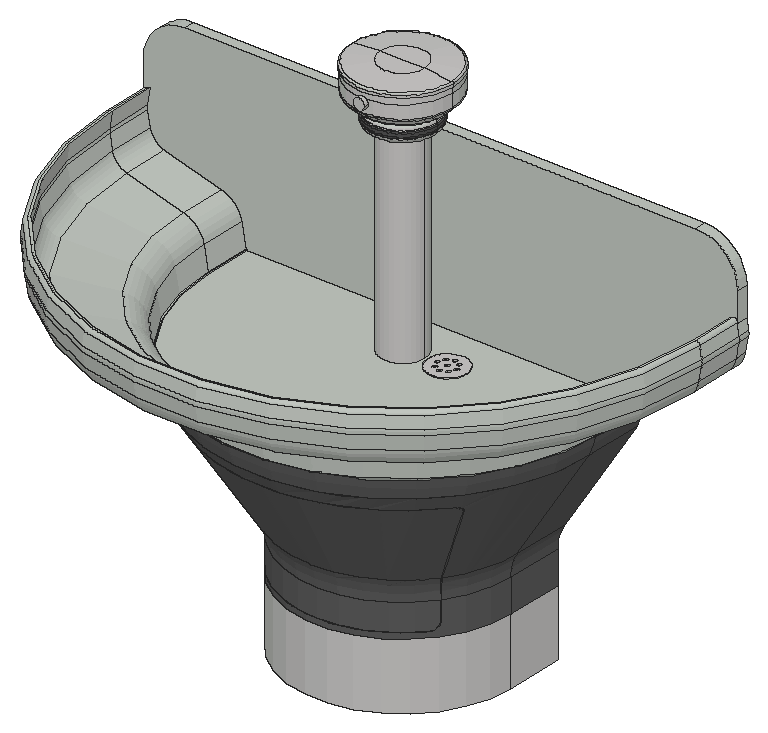
Revit family "Washfountain_Lavatory-Bradley_Corp-TDB3104-Type_A_Drain", category Plumbing Fixtures, Revit 2012
Parameters (values of type "Standard")
  Width = 54.000"
  Warranty Information = "Terreon® material warranted for ten years. All other components warranted for one year. This warranty does not cover installation or any other labor charges and does not apply to any units, which have been damaged by accident, abuse, improper installation, improper maintenance, or altered in any way."
  WFU = 0
  Voltage = 110 V
  Version = "2.0"
  URL = "http://www.bradleycorp.com/"
  Towel Dispenser Holder [instance] = if(and(Soap Dispenser, Model ID = 2), 4.560", if(and(Soap Dispenser, Model ID = 1), 5.060", 4.396"))  # 4.396"
  Towel Dispenser Height [instance] = if(and(Soap Dispenser, Model ID = 2), 60.310", if(and(Soap Dispenser, Model ID = 1), 56.310", if(and(No Soap Dispenser, Model ID = 2), 51.810", 47.810")))  # 51.810"
  TouchTime® Control [instance] = yes
  Technical Data = "n/a"
  Standard Height = Model ID = 2  # yes
  Spray Head Height = 43.719"
  Specifications URL = "http://www.bradleycorp.com/3partspec"
  Soap Dispenser Height = 55.750"
  Sensor Module Height = 47.414"
  Rim Height = 34.000"
  Product Tech Data URL - Spanish = ""
  Product Tech Data URL - French = ""
  Product Tech Data URL - English = "http://bradleycorp.com/download/1293/2055.pdf"
  Pedestal Material = Fibreglass - Bradley Corp - Black
  Pedestal Height = 23.500"
  Operating Water Pressure Range = "20 - 80 PSI"
  OmniClass Table 23 Title = "Sinks/Lavatories"
  OmniClass Table 23 Number = "23-31 13 00"
  OmniClass Table 21 Title = "Plumbing Fixtures"
  OmniClass Table 21 Number = "21-04 20 10 60"
  No Towel Dispenser [instance] = not(Towel Dispenser)  # yes
  No Soap Dispenser [instance] = not(Soap Dispenser)  # yes
  Modeling Code = ""
  Model ID = 2
  Model = "TDB3104"
  Material Note = "Other Terreon® colors available - See www.bradleycorp.com "
  MasterFormat Title = "Commercial Lavatories and Sinks"
  MasterFormat Number = "22 42 16"
  Manufacturer = "Bradley Corp"
  Juvenile Height = Model ID = 1  # no
  Industry Standards = " ANSI Z124.3, Z124.6 and ANSI/ICPA SS-1-2001"
  Hot Lavatory Inlet Secondary Radius = Hot Lavatory Inlet Secondary / 2  # 1/2"
  Hot Lavatory Inlet Secondary = 1"
  Hot Lavatory Inlet Primary Radius = Hot Lavatory Inlet Primary / 2  # 1/2"
  Hot Lavatory Inlet Primary = 1"
  HWFU = 0
  Frequency = 50 Hz
  Flow Rate = 2.5 GPM
  Fire Rating = "n/a"
  Drain Secondary Radius = Drain Secondary / 2  # 1"
  Drain Secondary = 2"
  Drain Primary Radius = Drain Primary / 2  # 1"
  Drain Primary = 2"
  Description = "54\" Semi-Circular, Deep Bowl Washfountain"
  Copyright = "This Model Data is Property of Bradley Corporation"
  Cold Lavatory Inlet Secondary Radius = Cold Lavatory Inlet Secondary / 2  # 1/2"
  Cold Lavatory Inlet Secondary = 1"
  Cold Lavatory Inlet Primary Radius = Cold Lavatory Inlet Primary / 2  # 1/2"
  Cold Lavatory Inlet Primary = 1"
  CWFU = 0
  Buy American Act = "No"
  Button Visibility [instance] = or(TouchTime® Control, Air Valve Hand Control)  # yes
  Bowl Material [instance] = Stone - Bradley Corp - Empire Gray
  Assembly Code = "D2010300"
  Air Valve Hand Control [instance] = no
  Adaptive Infrared Activation Control [instance] = no
  ADA Compliant = "Yes"
  Soap Dispenser [instance] = no
  Towel Dispenser [instance] = no
Reference planes (in)
  plane 1 "Center (Front/Back)": y = 0
  plane 2: z = 0
  plane 3 "Center (Left/Right)": x = 0
  plane 4 "Left": x = -27
  plane 5 "Right": x = 27
  plane 6 "Towel Dispenser": z = 51.81
  plane 7 "Soap Dispenser": z = 55.75
  plane 8 "Sensor Module": z = 47.414
  plane 9 "Spray Head": z = 43.719
  plane 10 "Rim Height": z = 34
  plane 11 "Pedestal Height": z = 23.5
  plane 12: y = -32.24695
  plane 13: y = -5.3402
Forms (in)
  Extrusion 1, solid, material "Stainless Steel - Bradley Corp - Satin"
    sketch origin (0, 0, 0) x (1, 0, 0) y (0, 1, 0)
      loop
        arc (-9.75, -5.25) -> (0, -15) -> (9.75, -5.25) r 9.75
        line (9.75, -5.25) -> (9.75, 0) -> (-9.75, 0) -> (-9.75, -5.25)
    from 0 to 6.02
  Sweep 2, solid, material "Fibreglass - Bradley Corp - Black" <- "Pedestal Material", detail levels coarse
    path in 3D
      loop
        line (-9.75, 0, 6.02) -> (-9.75, -5.25, 6.02)
        arc (-9.75, -5.25, 6.02) -> (0, -15, 6.02) -> (9.75, -5.25, 6.02) r 9.75
        line (9.75, -5.25, 6.02) -> (9.75, 0, 6.02)
    profile origin (-9.75, -2.625, 6.02) x (1, 0, 0) y (0, 0, 1)
      loop
        line (-0.62812, 5.13184) -> (0, 2.98) -> (0, 0) -> (0.5, 0) -> (0.5, 2.98) -> (-0.20663, 5.40082) -> (-6.67795, 15.54125) -> (-7.23012, 17.48) -> (-7.75, 17.48) -> (-7.13879, 15.33394) -> (-0.62812, 5.13184)
  Sweep 3, solid, material "Fibreglass - Bradley Corp - Black" <- "Pedestal Material", detail levels medium+fine
    path in 3D
      loop
        line (-9.75, 0, 6.02) -> (-9.75, -5.25, 6.02)
        arc (-9.75, -5.25, 6.02) -> (0, -15, 6.02) -> (9.75, -5.25, 6.02) r 9.75
        line (9.75, -5.25, 6.02) -> (9.75, 0, 6.02)
    profile origin (-9.75, -2.625, 6.02) x (1, 0, 0) y (0, 0, 1)
      loop
        line (-7.13879, 15.33394) -> (-0.62812, 5.13184)
        arc (-0.62812, 5.13184) -> (-0.16024, 4.10082) -> (0, 2.98) r 4
        line (0, 2.98) -> (0, 0) -> (0.5, 0) -> (0.5, 2.98) -> (-0.20663, 5.40082) -> (-6.67795, 15.54125) -> (-7.23012, 17.48) -> (-7.61822, 17.48)
        arc (-7.61822, 17.48) -> (-7.70221, 17.43276) -> (-7.72517, 17.33917) r 0.12116
        arc (-7.72517, 17.33917) -> (-7.49023, 16.31952) -> (-7.13879, 15.33394) r 9.0211
  Sweep 4, solid, material "Stone - Bradley Corp - Empire Gray" <- "Bowl Material", visible <- "Standard Height", detail levels coarse
    path in 3D
      loop
        line (-9.75, -0.99695, 6.02) -> (-9.75, -5.25, 6.02)
        arc (-9.75, -5.25, 6.02) -> (0, -15, 6.02) -> (9.75, -5.25, 6.02) r 9.75
        line (9.75, -5.25, 6.02) -> (9.75, -0.99695, 6.02)
    profile origin (-9.75, -3.12347, 6.02) x (1, 0, 0) y (0, 0, 1)
      loop
        line (-8.69027, 19.99893) -> (-8.25, 17.48) -> (-7.74242, 17.48) -> (-7.74242, 17.98) -> (-8.22286, 20.22877) -> (-9.87228, 22.03159) -> (-14.93805, 23.3892) -> (-16.52873, 27.98) -> (-17.05789, 27.98) -> (-15.32366, 22.9749) -> (-10.14268, 21.58641) -> (-8.69027, 19.99893)
  Sweep 5, solid, material "Stone - Bradley Corp - Empire Gray" <- "Bowl Material", visible <- "Standard Height", detail levels medium+fine
    path in 3D
      loop
        line (-9.75, -0.99695, 6.02) -> (-9.75, -5.25, 6.02)
        arc (-9.75, -5.25, 6.02) -> (0, -15, 6.02) -> (9.75, -5.25, 6.02) r 9.75
        line (9.75, -5.25, 6.02) -> (9.75, -0.99695, 6.02)
    profile origin (-9.75, -3.12347, 6.02) x (1, 0, 0) y (0, 0, 1)
      loop
        arc (-16.68727, 27.98028) -> (-16.93198, 27.88933) -> (-17.05789, 27.66063) r 0.37468
        line (-17.05789, 27.66063) -> (-17.21443, 26.6064)
        arc (-17.21443, 26.6064) -> (-17.23048, 26.36063) -> (-17.2061, 26.11555) r 1.5
        line (-17.2061, 26.11555) -> (-16.95433, 24.74241)
        arc (-16.95433, 24.74241) -> (-16.39494, 23.62252) -> (-15.32366, 22.9749) r 2.25
        line (-15.32366, 22.9749) -> (-10.14268, 21.58641)
        arc (-10.14268, 21.58641) -> (-9.1848, 21.00462) -> (-8.69027, 19.99893) r 2
        line (-8.69027, 19.99893) -> (-8.26736, 17.57934)
        arc (-8.26736, 17.57934) -> (-8.22636, 17.50813) -> (-8.14915, 17.48) r 0.12
        line (-8.14915, 17.48) -> (-7.74242, 17.48) -> (-7.74242, 17.98)
        arc (-7.74242, 17.98) -> (-7.8103, 18.00475) -> (-7.84632, 18.06737) r 0.10547
        line (-7.84632, 18.06737) -> (-8.19748, 20.08354)
        arc (-8.19748, 20.08354) -> (-8.8154, 21.34158) -> (-10.01324, 22.06937) r 2.5
        line (-10.01324, 22.06937) -> (-15.19423, 23.45786)
        arc (-15.19423, 23.45786) -> (-16.02745, 23.96157) -> (-16.46253, 24.83259) r 1.75
        line (-16.46253, 24.83259) -> (-16.7143, 26.20573)
        arc (-16.7143, 26.20573) -> (-16.73056, 26.36911) -> (-16.71985, 26.53296) r 1
        line (-16.71985, 26.53296) -> (-16.50494, 27.98028) -> (-16.68727, 27.98028)
  Extrusion 6, solid, material "Stone - Bradley Corp - Empire Gray" <- "Bowl Material", visible <- "Standard Height", detail levels medium+fine
    sketch origin (-21, 0, 40) x (-1, 0, 0) y (0, 0, -1)
      loop
        arc (2.05789, 0) -> (4.70954, 1.09835) -> (5.80789, 3.75) r 3.75
        line (5.80789, 3.75) -> (5.80789, 6.31937) -> (5.96443, 7.3736)
        arc (5.96443, 7.3736) -> (5.98048, 7.61937) -> (5.9561, 7.86445) r 1.5
        line (5.9561, 7.86445) -> (5.70433, 9.23759)
        arc (5.70433, 9.23759) -> (5.14494, 10.35748) -> (4.07366, 11.0051) r 2.25
        line (4.07366, 11.0051) -> (-1.10732, 12.39359)
        arc (-1.10732, 12.39359) -> (-2.0652, 12.97538) -> (-2.55973, 13.98107) r 2
        line (-2.55973, 13.98107) -> (-2.98264, 16.40066)
        arc (-2.98264, 16.40066) -> (-3.02364, 16.47187) -> (-3.10085, 16.5) r 0.12
        line (-3.10085, 16.5) -> (-38.89915, 16.5)
        arc (-38.89915, 16.5) -> (-38.97636, 16.47187) -> (-39.01736, 16.40066) r 0.12
        line (-39.01736, 16.40066) -> (-39.44027, 13.98107)
        arc (-39.44027, 13.98107) -> (-39.9348, 12.97538) -> (-40.89268, 12.39359) r 2
        line (-40.89268, 12.39359) -> (-46.07366, 11.0051)
        arc (-46.07366, 11.0051) -> (-47.14494, 10.35748) -> (-47.70433, 9.23759) r 2.25
        line (-47.70433, 9.23759) -> (-47.9561, 7.86445)
        arc (-47.9561, 7.86445) -> (-47.98048, 7.61937) -> (-47.96443, 7.3736) r 1.5
        line (-47.96443, 7.3736) -> (-47.80789, 6.31937) -> (-47.80789, 3.75)
        arc (-47.80789, 3.75) -> (-46.70954, 1.09835) -> (-44.05789, 0) r 3.75
        line (-44.05789, 0) -> (2.05789, 0)
    from 0 to 0.99695
  Extrusion 7, solid, material "Stone - Bradley Corp - Empire Gray" <- "Bowl Material", visible <- "Standard Height", detail levels coarse
    sketch origin (-21, 0, 40) x (-1, 0, 0) y (0, 0, -1)
      loop
        arc (2.05789, 0) -> (4.70954, 1.09835) -> (5.80789, 3.75) r 3.75
        line (5.80789, 3.75) -> (5.80789, 6) -> (4.07366, 11.0051) -> (-1.10732, 12.39359) -> (-2.55973, 13.98107) -> (-3, 16.5) -> (-39, 16.5) -> (-39.44027, 13.98107) -> (-40.89268, 12.39359) -> (-46.07366, 11.0051) -> (-47.80789, 6) -> (-47.80789, 3.75)
        arc (-47.80789, 3.75) -> (-46.70954, 1.09835) -> (-44.05789, 0) r 3.75
        line (-44.05789, 0) -> (2.05789, 0)
    from 0 to 0.99695
  Extrusion 8, solid, material "Stone - Bradley Corp - Empire Gray" <- "Bowl Material"
    sketch origin (0, 0, 0) x (1, 0, 0) y (0, 1, 0)
      loop
        arc (-17.49242, -5.25) -> (0, -22.74242) -> (17.49242, -5.25) r 17.49242
        line (17.49242, -5.25) -> (17.49242, -0.99695) -> (-17.49242, -0.99695) -> (-17.49242, -5.25)
      loop
        circle (4, -5.24635) r 1.75
    from 23.5 to 24
  Extrusion 9, solid, material "Fibreglass - Bradley Corp - Black" <- "Pedestal Material"
    sketch origin (0, 0, 0) x (1, 0, 0) y (0, 0, 1)
      loop
        line (16.42795, 21.56125) -> (16.98012, 23.5) -> (-16.98012, 23.5) -> (-16.42795, 21.56125) -> (-9.95663, 11.42082) -> (-9.25, 9) -> (-9.25, 6.02) -> (9.25, 6.02) -> (9.25, 9) -> (9.95663, 11.42082) -> (16.42795, 21.56125)
    from 0 to 0.99695
  Sweep 10, solid, material "Stone - Bradley Corp - Empire Gray" <- "Bowl Material", visible <- "Juvenile Height", detail levels coarse
    path in 3D
      loop
        line (-9.75, -0.99695, 6.02) -> (-9.75, -5.25, 6.02)
        arc (-9.75, -5.25, 6.02) -> (0, -15, 6.02) -> (9.75, -5.25, 6.02) r 9.75
        line (9.75, -5.25, 6.02) -> (9.75, -0.99695, 6.02)
    profile origin (-9.75, -3.12347, 6.02) x (1, 0, 0) y (0, 0, 1)
      loop
        line (-17.05789, 23.48016) -> (-15.79641, 19.98631) -> (-9.31066, 18.54066) -> (-8.25, 17.48) -> (-7.74242, 17.48) -> (-7.74242, 17.98) -> (-8.04289, 17.98) -> (-9.05994, 18.99705) -> (-15.42026, 20.41473) -> (-16.71791, 23.98) -> (-17.05789, 23.98) -> (-17.05789, 23.48016)
  Sweep 11, solid, material "Stone - Bradley Corp - Empire Gray" <- "Bowl Material", visible <- "Juvenile Height", detail levels medium+fine
    path in 3D
      loop
        line (-9.75, -0.99695, 6.02) -> (-9.75, -5.25, 6.02)
        arc (-9.75, -5.25, 6.02) -> (0, -15, 6.02) -> (9.75, -5.25, 6.02) r 9.75
        line (9.75, -5.25, 6.02) -> (9.75, -0.99695, 6.02)
    profile origin (-9.75, -3.12347, 6.02) x (1, 0, 0) y (0, 0, 1)
      loop
        line (-17.06017, 23.47983) -> (-16.09625, 20.81009)
        arc (-16.09625, 20.81009) -> (-15.56078, 20.13316) -> (-14.78237, 19.76028) r 1.9141
        line (-14.78237, 19.76028) -> (-9.98471, 18.6909)
        arc (-9.98471, 18.6909) -> (-9.38001, 18.4665) -> (-8.85786, 18.08786) r 2.37805
        line (-8.85786, 18.08786) -> (-8.25, 17.48) -> (-7.74242, 17.48) -> (-7.74242, 17.98) -> (-8.04289, 17.98) -> (-8.508, 18.44511)
        arc (-8.508, 18.44511) -> (-9.14156, 18.90599) -> (-9.87593, 19.17893) r 2.87805
        line (-9.87593, 19.17893) -> (-14.6736, 20.2483)
        arc (-14.6736, 20.2483) -> (-15.3549, 20.61776) -> (-15.73914, 21.29084) r 1.4141
        line (-15.73914, 21.29084) -> (-16.71803, 23.98032)
        arc (-16.71803, 23.98032) -> (-17.01718, 23.81764) -> (-17.06017, 23.47983) r 0.3737
  Extrusion 12, solid, material "Stone - Bradley Corp - Empire Gray" <- "Bowl Material", visible <- "Juvenile Height", detail levels medium+fine
    sketch origin (-33.92149, 0, 36) x (1, 0, 0) y (0, 0, 1)
      loop
        arc (10.8636, 0) -> (8.21195, -1.09835) -> (7.1136, -3.75) r 3.75
        line (7.1136, -3.75) -> (7.1136, -6.29359)
        arc (7.1136, -6.29359) -> (7.12237, -6.47702) -> (7.16726, -6.6551) r 0.92368
        line (7.16726, -6.6551) -> (8.07524, -9.16991)
        arc (8.07524, -9.16991) -> (8.61071, -9.84684) -> (9.38912, -10.21972) r 1.9141
        line (9.38912, -10.21972) -> (14.18678, -11.2891)
        arc (14.18678, -11.2891) -> (14.79148, -11.5135) -> (15.31363, -11.89214) r 2.37805
        line (15.31363, -11.89214) -> (15.92149, -12.5) -> (51.92149, -12.5) -> (52.52935, -11.89214)
        arc (52.52935, -11.89214) -> (53.05151, -11.5135) -> (53.6562, -11.2891) r 2.37805
        line (53.6562, -11.2891) -> (58.45386, -10.21972)
        arc (58.45386, -10.21972) -> (59.23227, -9.84684) -> (59.76774, -9.16991) r 1.9141
        line (59.76774, -9.16991) -> (60.67573, -6.6551)
        arc (60.67573, -6.6551) -> (60.72061, -6.47702) -> (60.72938, -6.29359) r 0.92368
        line (60.72938, -6.29359) -> (60.72938, -3.75)
        arc (60.72938, -3.75) -> (59.63103, -1.09835) -> (56.97938, 0) r 3.75
        line (56.97938, 0) -> (10.8636, 0)
    from 0 to 0.99695
  Extrusion 13, solid, material "Stone - Bradley Corp - Empire Gray" <- "Bowl Material", visible <- "Juvenile Height", detail levels coarse
    sketch origin (-33.92149, 0, 36) x (1, 0, 0) y (0, 0, 1)
      loop
        line (60.72938, -6.52782) -> (60.72938, -3.75)
        arc (60.72938, -3.75) -> (59.63103, -1.09835) -> (56.97938, 0) r 3.75
        line (56.97938, 0) -> (10.8636, 0)
        arc (10.8636, 0) -> (8.21195, -1.09835) -> (7.1136, -3.75) r 3.75
        line (7.1136, -3.75) -> (7.1136, -6.52782) -> (8.37508, -9.99369) -> (14.86083, -11.43934) -> (15.92149, -12.5) -> (51.92149, -12.5) -> (52.98215, -11.43934) -> (59.46791, -9.99369) -> (60.72938, -6.52782)
    from 0 to 0.99695
  Extrusion 14, solid, material "Stainless Steel - Bradley Corp - Polished", detail levels medium+fine
    sketch origin (0, 0, 24) x (1, 0, 0) y (0, 1, 0)
      loop
        circle (4, -5.24635) r 1.75
      loop
        circle (4, -5.24635) r 0.1842
      loop
        circle (4, -4.36864) r 0.1842
      loop
        circle (3.12229, -5.24635) r 0.1842
      loop
        circle (4, -6.12406) r 0.1842
      loop
        circle (4.87771, -5.24635) r 0.1842
      loop
        circle (4.62063, -4.62571) r 0.1842
      loop
        circle (3.37937, -4.62571) r 0.1842
      loop
        circle (3.37937, -5.86698) r 0.1842
      loop
        circle (4.62063, -5.86698) r 0.1842
    from 0 to 0.04618
  Extrusion 15, solid, material "Stainless Steel - Bradley Corp - Satin"
    sketch origin (0, 0, 0) x (1, 0, 0) y (0, 1, 0)
      loop
        circle (0, -5.25) r 2
    from 24 to 44.24213
  Extrusion 16, void
    sketch origin (-33.92149, 0, 36) x (1, 0, 0) y (0, 0, 1)
      loop
        arc (21.39394, -16) -> (21.10481, -16.23564) -> (21.11292, -16.60855) r 0.42493
        line (21.11292, -16.60855) -> (25.4255, -24.84746)
        spline (25.4255, -24.84746) -> (25.50604, -25.0095) -> (25.5802, -25.17601) -> (25.64781, -25.34661) -> (25.70871, -25.52093) -> (25.76278, -25.69857) -> (25.80989, -25.87913) -> (25.84992, -26.06221) -> (25.88281, -26.2474) -> (25.90846, -26.43428) -> (25.92682, -26.62243) -> (25.93786, -26.81142) -> (25.94154, -27.00085)
        line (25.94154, -27.00085) -> (25.94154, -28.87883)
        arc (25.94154, -28.87883) -> (26.1194, -29.30039) -> (26.54548, -29.46715) r 0.58852
        line (26.54548, -29.46715) -> (41.26976, -29.46715)
        arc (41.26976, -29.46715) -> (41.73411, -29.26588) -> (41.92524, -28.79728) r 0.67003
        line (41.92524, -28.79728) -> (41.92524, -26.85223)
        spline (41.92524, -26.85223) -> (41.92867, -26.6698) -> (41.93898, -26.48774) -> (41.95613, -26.30645) -> (41.98009, -26.12631) -> (42.01081, -25.9477) -> (42.04822, -25.77099) -> (42.09225, -25.59655) -> (42.14281, -25.42475) -> (42.19978, -25.25596) -> (42.26305, -25.09052) -> (42.33248, -24.92878) -> (42.40793, -24.7711)
        line (42.40793, -24.7711) -> (46.72897, -16.61066)
        arc (46.72897, -16.61066) -> (46.73867, -16.23672) -> (46.44904, -16) r 0.42493
        line (46.44904, -16) -> (21.39394, -16)
      loop
        line (41.8496, -28.82388) -> (41.8496, -27.03567)
        spline (41.8496, -27.03567) -> (41.85127, -26.8354) -> (41.86049, -26.63547) -> (41.87721, -26.43629) -> (41.90141, -26.23827) -> (41.93303, -26.04183) -> (41.97203, -25.84739) -> (42.01837, -25.65534) -> (42.07191, -25.46608) -> (42.13254, -25.28) -> (42.20012, -25.09749) -> (42.27452, -24.91892) -> (42.35562, -24.74468)
        line (42.35562, -24.74468) -> (46.67712, -16.58338)
        arc (46.67712, -16.58338) -> (46.68672, -16.26403) -> (46.44203, -16.05859) r 0.36634
        line (46.44203, -16.05859) -> (21.40095, -16.05859)
        arc (21.40095, -16.05859) -> (21.15669, -16.26309) -> (21.16491, -16.58154) r 0.36634
        line (21.16491, -16.58154) -> (25.4774, -24.82026)
        spline (25.4774, -24.82026) -> (25.55904, -24.98455) -> (25.63417, -25.15332) -> (25.70267, -25.32619) -> (25.76437, -25.50277) -> (25.81915, -25.68266) -> (25.86687, -25.86548) -> (25.90738, -26.05083) -> (25.94064, -26.23829) -> (25.9666, -26.42745) -> (25.98519, -26.61787) -> (25.99639, -26.80915) -> (26.00013, -27.00085)
        line (26.00013, -27.00085) -> (26.00013, -28.87883)
        arc (26.00013, -28.87883) -> (26.16055, -29.25868) -> (26.54469, -29.40855) r 0.52993
        line (26.54469, -29.40855) -> (41.26493, -29.40855)
        arc (41.26493, -29.40855) -> (41.67835, -29.23731) -> (41.8496, -28.82388) r 0.58467
    from 7.94 to 24.01788
  Extrusion 17, solid, material "Stainless Steel - Bradley Corp - Polished", visible <- "Soap Dispenser"
    sketch origin (0, 0, 0) x (1, 0, 0) y (0, 1, 0)
      loop
        circle (0, -5.25) r 2
    from 47.414 to 49.75
  Extrusion 18, solid, material "Stainless Steel - Bradley Corp - Polished", visible <- "Towel Dispenser"
    sketch origin (-5.56458, -2.11186, 51.81) x (0, 0, 1) y (0.866025, 0.5, 0)
      loop
        line (0, 0) -> (0, -1.75) -> (1.375, -4) -> (14.625, -4) -> (15.3125, 0) -> (0, 0)
    from -11 to 0
  Extrusion 19, solid, material "Stainless Steel - Bradley Corp - Polished", visible <- "Towel Dispenser"
    sketch origin (5.56458, -2.11186, 51.81) x (0, 0, 1) y (0.866025, -0.5, 0)
      loop
        line (0, 0) -> (15.3125, 0) -> (14.625, 4) -> (1.375, 4) -> (0, 1.75) -> (0, 0)
    from -11 to 0
  Extrusion 20, solid, material "Stainless Steel - Bradley Corp - Polished", visible <- "Towel Dispenser"
    sketch origin (-18.13744, 0, 51.81) x (-1, 0, 0) y (0, -1, 0)
      loop
        line (-18.07285, 11.63814) -> (-18.20202, 11.63814) -> (-23.70202, 2.11186) -> (-23.59038, 2.04741) -> (-12.68449, 2.04741) -> (-12.57285, 2.11186) -> (-18.07285, 11.63814)
      loop
        circle (-18.13744, 5.25) r 2
    from 14.625 to 14.125
  Revolve 21, solid, material "Stainless Steel - Bradley Corp - Polished", detail levels coarse+medium
    sketch origin (-27, -5.25, 47.414) x (1, 0, 0) y (0, 0, 1)
      loop
        line (27, -3.17187) -> (27, 0) -> (22.4245, 0) -> (22.4245, -2.34747) -> (23.2489, -3.17187) -> (27, -3.17187)
      loop
        line (27, -5.10281) -> (27, -3.69531) -> (24.32008, -3.69531) -> (23.875, -4.14039) -> (23.875, -4.64024) -> (24.33758, -5.10281) -> (27, -5.10281)
      axis (27, 0) -> (27, -5.10281)
    angle from 0 to 360
  Revolve 22, solid, material "Stainless Steel - Bradley Corp - Polished", detail levels fine
    sketch origin (-27, -5.25, 47.414) x (1, 0, 0) y (0, 0, 1)
      loop
        arc (22.54844, -0.19977) -> (22.46021, -0.24285) -> (22.4245, -0.33431) r 0.135
        line (22.4245, -0.33431) -> (22.4245, -0.56995) -> (22.5, -0.56995) -> (22.5, -1.11431) -> (22.5, -2.31832)
        arc (22.5, -2.31832) -> (22.51903, -2.41399) -> (22.57322, -2.4951) r 0.25
        line (22.57322, -2.4951) -> (23.17678, -3.09865)
        arc (23.17678, -3.09865) -> (23.25788, -3.15284) -> (23.35355, -3.17187) r 0.25
        line (23.35355, -3.17187) -> (27, -3.17187) -> (27, 0.00105) -> (24.992, 0.00105) -> (22.54844, -0.19977)
      loop
        arc (23.965, -4.75781) -> (24.06605, -5.00176) -> (24.31, -5.10281) r 0.345
        line (24.31, -5.10281) -> (27, -5.10281) -> (27, -3.69531) -> (24.31, -3.69531)
        arc (24.31, -3.69531) -> (24.06605, -3.79636) -> (23.965, -4.04031) r 0.345
        line (23.965, -4.04031) -> (23.965, -4.14039)
        arc (23.965, -4.14039) -> (23.90115, -4.16911) -> (23.875, -4.23406) r 0.09375
        line (23.875, -4.23406) -> (23.875, -4.54656)
        arc (23.875, -4.54656) -> (23.90115, -4.61151) -> (23.965, -4.64024) r 0.09375
        line (23.965, -4.64024) -> (23.965, -4.75781)
      axis (27, 0.00105) -> (27, -5.10281)
    angle from 0 to 360
  Extrusion 23, solid, material "Stainless Steel - Bradley Corp - Polished", visible <- "Soap Dispenser", detail levels fine
    sketch origin (-27, 0, 55.75) x (1, 0, 0) y (0, 0, 1)
      loop
        line (20.84438, -1) -> (20.96998, -1) -> (20.96998, -1.64327) -> (21.01796, -1.64327) -> (21.01796, -2.89327) -> (21.07058, -2.89327) -> (21.07058, -4.14327) -> (21.1232, -4.14327) -> (21.1232, -5.39327) -> (21.19098, -5.39327) -> (21.19098, -6) -> (32.80902, -6) -> (32.80902, -5.39327) -> (32.8768, -5.39327) -> (32.8768, -4.14327) -> (32.92942, -4.14327) -> (32.92942, -2.89327) -> (32.98204, -2.89327) -> (32.98204, -1.64327) -> (33.03002, -1.64327) -> (33.03002, -1) -> (33.15562, -1) -> (33.15562, -0.375)
        arc (33.15562, -0.375) -> (32.17951, -0.12076) -> (31.17808, 0) r 7.48907
        line (31.17808, 0) -> (22.82192, 0)
        arc (22.82192, 0) -> (21.82049, -0.12076) -> (20.84438, -0.375) r 7.48907
        line (20.84438, -0.375) -> (20.84438, -1)
    from 3.06766 to 5.3402
  Extrusion 24, solid, material "Stainless Steel - Bradley Corp - Polished", visible <- "Soap Dispenser", detail levels coarse+medium
    sketch origin (-27, 0, 55.75) x (1, 0, 0) y (0, 0, 1)
      loop
        line (20.88289, -1) -> (21.19098, -6) -> (32.80902, -6) -> (33.11711, -1) -> (20.88289, -1)
    from 3.06766 to 5.3402
  Revolve 25, solid, material "Stainless Steel - Bradley Corp - Polished", visible <- "Soap Dispenser", detail levels fine
    sketch origin (-27, -5.3402, 55.75) x (1, 0, 0) y (0, 0, 1)
      loop
        line (20.96998, -1.64327) -> (21.01796, -1.64327) -> (21.01796, -2.89327) -> (21.07058, -2.89327) -> (21.07058, -4.14327) -> (21.1232, -4.14327) -> (21.1232, -5.39327) -> (21.19098, -5.39327) -> (21.19098, -6) -> (27, -6) -> (27, 0) -> (22.82192, 0)
        arc (22.82192, 0) -> (21.82049, -0.12076) -> (20.84438, -0.375) r 7.48907
        line (20.84438, -0.375) -> (20.84438, -1) -> (20.96998, -1) -> (20.96998, -1.64327)
      axis (27, 0) -> (27, -6)
    angle from 360 to 180
  Revolve 26, solid, material "Stainless Steel - Bradley Corp - Polished", visible <- "Soap Dispenser", detail levels coarse+medium
    sketch origin (-27, -5.3402, 51.25) x (1, 0, 0) y (0, 0, 1)
      loop
        line (27, -1.5) -> (27, 3.5) -> (20.88289, 3.5) -> (21.19098, -1.5) -> (27, -1.5)
      axis (27, 3.5) -> (27, -1.5)
    angle from 360 to 180
  Extrusion 27, solid, material "Stainless Steel - Bradley Corp - Polished", visible <- "Towel Dispenser"
    sketch origin (0, 0, 51.81) x (-1, 0, 0) y (0, -1, 0)
      loop
        circle (0, 5.25) r 2
    from -4.396 to 16.3125
  Extrusion 28, solid, material "Stainless Steel - Bradley Corp - Polished", visible <- "Towel Dispenser"
    sketch origin (0, 0, 51.81) x (-1, 0, 0) y (0, -1, 0)
      loop
        line (-5.45295, 2.04741) -> (5.45295, 2.04741) -> (5.56458, 2.11186) -> (0.06458, 11.63814) -> (-0.06458, 11.63814) -> (-5.56458, 2.11186) -> (-5.45295, 2.04741)
      loop
        circle (0, 5.25) r 2
    from 1.06293 to 1.56293
  Extrusion 29, solid, material "Default", not visible
    sketch origin (0, 0, 0) x (1, 0, 0) y (0, 1, 0)
      loop
        circle (-7.625, -2) r 0.5
      loop
        circle (7.625, -2) r 0.5
    from 0 to 2.5
  Extrusion 30, solid, material "Default", not visible
    sketch origin (0, -27, 0) x (-1, 0, 0) y (0, 0, 1)
      loop
        circle (7.625, 12) r 0.5
      loop
        circle (-7.625, 12) r 0.5
      loop
        line (-0.5, 9) -> (-1.5, 9) -> (-1.5, 7) -> (-0.5, 7) -> (-0.5, 9)
    from 24.5 to 27
  Revolve 31, solid, material "Plastic - Bradley Corp - Black", visible <- "Soap Dispenser", detail levels coarse+medium
    sketch origin (-27, -5.3402, 55.75) x (1, 0, 0) y (0, 0, 1)
      loop
        line (20.82127, 0) -> (20.88289, -1) -> (27, -1) -> (27, 0) -> (20.82127, 0)
      axis (27, 0) -> (27, -1)
    angle from 180 to 360
  Extrusion 32, solid, material "Plastic - Bradley Corp - Black", visible <- "Soap Dispenser", detail levels coarse+medium
    sketch origin (-27, -5.3402, 55.75) x (1, 0, 0) y (0, 0, 1)
      loop
        line (20.88289, -1) -> (33.11711, -1) -> (33.17873, 0) -> (20.82127, 0) -> (20.88289, -1)
    from 0 to -2.27254
  Extrusion 33, solid, material "Stainless Steel - Bradley Corp - Polished", visible <- "Button Visibility"
    sketch origin (-27, -5.25, 47.414) x (1, 0, 0) y (0, 0, 1)
      loop
        circle (27, -1.45871) r 0.5
    from 4.91915 to 4.5755
  Extrusion 34, solid, material "Stainless Steel - Bradley Corp - Polished", visible <- "Button Visibility", detail levels fine
    sketch origin (-27, -5.25, 47.414) x (1, 0, 0) y (0, 0, 1)
      loop
        circle (27, -1.45871) r 0.25
    from 4.5 to 4.5755
  Extrusion 35, solid, material "Default", not visible, detail levels fine
    sketch origin (0, 0, 0) x (1, 0, 0) y (0, 1, 0)
      loop
        circle (4, -5.25) r 1
    from 0 to 3
  Extrusion 36, solid, material "Default", not visible, detail levels fine
    sketch origin (0, 0, 0) x (1, 0, 0) y (0, 0, 1)
      loop
        circle (4, 13.25) r 1
    from 0 to 3
Cuts and joins
  joined: Sweep 11, Extrusion 12
  joined: Sweep 10, Extrusion 13
  Extrusion 16 cuts Sweep 3
  joined: Extrusion 23, Revolve 25
  joined: Extrusion 24, Revolve 26
  joined: Revolve 31, Extrusion 32
Lines and regions (in)
  Split face 1
    outline origin (-9.02868, -4.11186, 53.185) x (0.738964, 0.426641, -0.52145) y (0.5, -0.866025, 0)
      loop
        arc (0.59847, 1.4994) -> (1.34847, 0.7494) -> (2.09847, 1.4994) r 0.75
        line (2.09847, 1.4994) -> (2.09847, 9.5006)
        arc (2.09847, 9.5006) -> (1.34847, 10.2506) -> (0.59847, 9.5006) r 0.75
        line (0.59847, 9.5006) -> (0.59847, 1.4994)
  Split face 2
    outline origin (9.02868, -4.11186, 53.185) x (-0.738964, 0.426641, -0.52145) y (0.5, 0.866025, 0)
      loop
        line (0.59766, -1.49951) -> (0.59766, -9.5)
        arc (0.59766, -9.5) -> (1.34774, -10.25008) -> (2.09782, -9.5) r 0.75008
        line (2.09782, -9.5) -> (2.09782, -1.49951)
        arc (2.09782, -1.49951) -> (1.34774, -0.74943) -> (0.59766, -1.49951) r 0.75008
  Masking region 1
    outline origin (0, 0, 0) x (1, 0, 0) y (0, 0, 1)
      loop
        line (-9.75, 6.02) -> (-9.75, 0) -> (9.75, 0) -> (9.75, 6.02) -> (9.75, 9) -> (10.37812, 11.15184) -> (16.88879, 21.35394) -> (17.5, 23.5) -> (-17.5, 23.5) -> (-16.88879, 21.35394) -> (-10.37812, 11.15184) -> (-9.75, 9) -> (-9.75, 6.02)
  Masking region 2, visible <- "Juvenile Height", detail levels coarse
    outline origin (-33.92149, 0, 36) x (1, 0, 0) y (0, 0, 1)
      loop
        arc (10.8636, 0) -> (8.21195, -1.09835) -> (7.1136, -3.75) r 3.75
        line (7.1136, -3.75) -> (7.1136, -6.52782) -> (8.37508, -9.99369) -> (14.86083, -11.43934) -> (15.92149, -12.5) -> (51.92149, -12.5) -> (52.98215, -11.43934) -> (59.46791, -9.99369) -> (60.72938, -6.52782) -> (60.72938, -3.75)
        arc (60.72938, -3.75) -> (59.63103, -1.09835) -> (56.97938, 0) r 3.75
        line (56.97938, 0) -> (10.8636, 0)
  Masking region 3, visible <- "Juvenile Height", detail levels medium+fine
    outline origin (-33.92149, 0, 36) x (1, 0, 0) y (0, 0, 1)
      loop
        arc (10.8636, 0) -> (8.21195, -1.09835) -> (7.1136, -3.75) r 3.75
        line (7.1136, -3.75) -> (7.1136, -6) -> (7.44483, -6)
        arc (7.44483, -6) -> (7.17352, -6.11238) -> (7.06114, -6.38369) r 0.38369
        line (7.06114, -6.38369) -> (8.07524, -9.16991)
        arc (8.07524, -9.16991) -> (8.61071, -9.84684) -> (9.38912, -10.21972) r 1.9141
        line (9.38912, -10.21972) -> (14.18678, -11.2891)
        arc (14.18678, -11.2891) -> (14.79357, -11.51462) -> (15.31706, -11.89543) r 2.37805
        line (15.31706, -11.89543) -> (15.92163, -12.5) -> (51.92135, -12.5) -> (52.52592, -11.89543)
        arc (52.52592, -11.89543) -> (53.04941, -11.51462) -> (53.6562, -11.2891) r 2.37805
        line (53.6562, -11.2891) -> (58.45386, -10.21972)
        arc (58.45386, -10.21972) -> (59.23227, -9.84684) -> (59.76774, -9.16991) r 1.9141
        line (59.76774, -9.16991) -> (60.78184, -6.38369)
        arc (60.78184, -6.38369) -> (60.66946, -6.11238) -> (60.39815, -6) r 0.38369
        line (60.39815, -6) -> (60.72938, -6) -> (60.72938, -3.75)
        arc (60.72938, -3.75) -> (59.63103, -1.09835) -> (56.97938, 0) r 3.75
        line (56.97938, 0) -> (10.8636, 0)
  Masking region 4, visible <- "Standard Height", detail levels coarse
    outline origin (-21, 0, 40) x (-1, 0, 0) y (0, 0, -1)
      loop
        arc (2.05789, 0) -> (4.70954, 1.09835) -> (5.80789, 3.75) r 3.75
        line (5.80789, 3.75) -> (5.80789, 6) -> (4.07366, 11.0051) -> (-1.10732, 12.39359) -> (-2.55973, 13.98107) -> (-3, 16.5) -> (-39, 16.5) -> (-39.44027, 13.98107) -> (-40.89268, 12.39359) -> (-46.07366, 11.0051) -> (-47.80789, 6) -> (-47.80789, 3.75)
        arc (-47.80789, 3.75) -> (-46.70954, 1.09835) -> (-44.05789, 0) r 3.75
        line (-44.05789, 0) -> (2.05789, 0)
  Masking region 5, visible <- "Standard Height", detail levels medium+fine
    outline origin (-21, 0, 40) x (-1, 0, 0) y (0, 0, -1)
      loop
        arc (2.05789, 0) -> (4.70954, 1.09835) -> (5.80789, 3.75) r 3.75
        line (5.80789, 3.75) -> (5.80789, 6) -> (4.43462, 9.96335)
        arc (4.43462, 9.96335) -> (3.88072, 10.8061) -> (2.99781, 11.29343) r 2.09986
        line (2.99781, 11.29343) -> (-1.10732, 12.39359)
        arc (-1.10732, 12.39359) -> (-2.0652, 12.97538) -> (-2.55973, 13.98107) r 2
        line (-2.55973, 13.98107) -> (-3, 16.5) -> (-39, 16.5) -> (-39.44027, 13.98107)
        arc (-39.44027, 13.98107) -> (-39.9348, 12.97538) -> (-40.89268, 12.39359) r 2
        line (-40.89268, 12.39359) -> (-44.99781, 11.29343)
        arc (-44.99781, 11.29343) -> (-45.88072, 10.8061) -> (-46.43462, 9.96335) r 2.09986
        line (-46.43462, 9.96335) -> (-47.80789, 6) -> (-47.80789, 3.75)
        arc (-47.80789, 3.75) -> (-46.70954, 1.09835) -> (-44.05789, 0) r 3.75
        line (-44.05789, 0) -> (2.05789, 0)
  Masking region 6, visible <- "Towel Dispenser"
    outline origin (-18.13744, 0, 51.81) x (-1, 0, 0) y (0, 0, -1)
      loop
        line (-16.13744, -15.3125) -> (-12.57285, -15.3125) -> (-9.10875, -14.625) -> (-9.10875, -1.375) -> (-11.05731, 0) -> (-16.13744, 0) -> (-16.13744, 4.396) -> (-20.13744, 4.396) -> (-20.13744, 0) -> (-25.21756, 0) -> (-27.16612, -1.375) -> (-27.16612, -14.625) -> (-23.70202, -15.3125) -> (-20.13744, -15.3125) -> (-20.13744, -16.3125) -> (-16.13744, -16.3125) -> (-16.13744, -15.3125)
  Masking region 7, visible <- "Juvenile Height", detail levels coarse
    outline origin (-27, 0, 36) x (0, -1, 0) y (0, 0, 1)
      loop
        line (0.99695, -6) -> (0.99695, 0) -> (0, 0) -> (0, -12.5) -> (23.25, -12.5) -> (24.31061, -11.43939) -> (30.79572, -9.99562) -> (32.05789, -6.49984) -> (32.05789, -6) -> (0.99695, -6)
  Masking region 8, visible <- "Juvenile Height", detail levels medium+fine
    outline origin (-27, 0, 36) x (0, -1, 0) y (0, 0, 1)
      loop
        line (24.98186, -11.28995) -> (29.86237, -10.20341)
        arc (29.86237, -10.20341) -> (30.60525, -9.83626) -> (31.09468, -9.16759) r 1.74331
        line (31.09468, -9.16759) -> (32.05789, -6.49984)
        arc (32.05789, -6.49984) -> (32.01432, -6.15903) -> (31.70975, -6) r 0.37116
        line (31.70975, -6) -> (0.99695, -6) -> (0.99695, 0) -> (0, 0) -> (0, -12.5) -> (23.25, -12.5) -> (23.85786, -11.89214)
        arc (23.85786, -11.89214) -> (24.37535, -11.50796) -> (24.98186, -11.28995) r 2.20341
  Masking region 9
    outline origin (0, 0, 0) x (0, 1, 0) y (0, 0, 1)
      loop
        line (-15, 0) -> (0, 0) -> (0, 23.5) -> (-22.75417, 23.5) -> (-22.13879, 21.35394) -> (-15.62812, 11.15184) -> (-15, 9) -> (-15, 0)
  Masking region 10, visible <- "Soap Dispenser", detail levels fine
    outline origin (-27, -1.99582, 55.75) x (0, -1, 0) y (0, 0, 1)
      loop
        line (5.25418, -6) -> (9.1534, -6) -> (9.1534, -5.39327) -> (9.22117, -5.39327) -> (9.22117, -4.14327) -> (9.27379, -4.14327) -> (9.27379, -2.89327) -> (9.32616, -2.89327) -> (9.32616, -1.64327) -> (9.3744, -1.64327) -> (9.3744, -1) -> (9.5, -1) -> (9.5, -0.37547)
        arc (9.5, -0.37547) -> (8.5245, -0.11785) -> (7.52246, 0) r 7.15586
        line (7.52246, 0) -> (1.07183, 0) -> (1.07183, -6) -> (1.25, -6) -> (1.25, -8.336) -> (5.25418, -8.336) -> (5.25418, -6)
  Masking region 11, visible <- "Towel Dispenser"
    outline origin (-27, 0, 51.81) x (0, -1, 0) y (0, 0, 1)
      loop
        line (7.25, 16.3125) -> (3.25, 16.3125) -> (3.25, 15.3125) -> (2.11186, 15.3125) -> (2.11186, 0) -> (3.25, 0) -> (3.25, -4.396) -> (7.25, -4.396) -> (7.25, 0) -> (12.51314, 0) -> (13.63814, 1.375) -> (13.63814, 14.625) -> (11.63814, 15.3125) -> (7.25, 15.3125) -> (7.25, 16.3125)
  Masking region 12, visible <- "Soap Dispenser", detail levels coarse+medium
    outline origin (-27, -1.99582, 55.75) x (0, -1, 0) y (0, 0, 1)
      loop
        line (1.07183, 0) -> (1.07183, -6) -> (1.25, -6) -> (1.25, -8.336) -> (5.25418, -8.336) -> (5.25418, -6) -> (9.1534, -6) -> (9.52311, 0) -> (1.07183, 0)
  Masking region 13, visible <- "Soap Dispenser", detail levels coarse+medium
    outline origin (-27, 0, 55.75) x (1, 0, 0) y (0, 0, 1)
      loop
        line (20.82127, 0) -> (21.19098, -6) -> (25, -6) -> (25, -8.336) -> (29, -8.336) -> (29, -6) -> (32.80902, -6) -> (33.17873, 0) -> (20.82127, 0)
  Masking region 14, visible <- "Soap Dispenser", detail levels fine
    outline origin (-27, 0, 55.75) x (1, 0, 0) y (0, 0, 1)
      loop
        arc (22.82154, -0.0051) -> (21.82026, -0.12303) -> (20.84529, -0.37976) r 7.1951
        line (20.84529, -0.37976) -> (20.84529, -1) -> (20.96998, -1) -> (20.96998, -1.64327) -> (21.01796, -1.64327) -> (21.01796, -2.89327) -> (21.07058, -2.89327) -> (21.07058, -4.14327) -> (21.1232, -4.14327) -> (21.1232, -5.39327) -> (21.19098, -5.39327) -> (21.19098, -6) -> (25, -6) -> (25, -8.336) -> (29, -8.336) -> (29, -6) -> (32.80902, -6) -> (32.80902, -5.39327) -> (32.8768, -5.39327) -> (32.8768, -4.14327) -> (32.92942, -4.14327) -> (32.92942, -2.89327) -> (32.98204, -2.89327) -> (32.98204, -1.64327) -> (33.03002, -1.64327) -> (33.03002, -1.04433) -> (33.15562, -1.04433) -> (33.15562, -0.40421)
        arc (33.15562, -0.40421) -> (32.18571, -0.13036) -> (31.18569, -0.0051) r 6.69951
        line (31.18569, -0.0051) -> (22.82154, -0.0051)
  Masking region 15, detail levels coarse+medium
    outline origin (-27, -5.25, 47.414) x (1, 0, 0) y (0, 0, 1)
      loop
        line (22.4245, 0) -> (22.4245, -2.34747) -> (23.2489, -3.17187) -> (25, -3.17187) -> (25, -3.69531) -> (24.32008, -3.69531) -> (23.875, -4.14039) -> (23.875, -4.64024) -> (24.33758, -5.10281) -> (29.66242, -5.10281) -> (30.125, -4.64024) -> (30.125, -4.14039) -> (29.67992, -3.69531) -> (29, -3.69531) -> (29, -3.17187) -> (30.7511, -3.17187) -> (31.5755, -2.34747) -> (31.5755, 0) -> (22.4245, 0)
  Masking region 16, detail levels fine
    outline origin (-27, -5.25, 47.414) x (1, 0, 0) y (0, 0, 1)
      loop
        arc (22.54844, -0.19977) -> (22.46021, -0.24285) -> (22.4245, -0.33431) r 0.135
        line (22.4245, -0.33431) -> (22.4245, -0.56995) -> (22.5, -0.56995) -> (22.5, -1.11431) -> (22.5, -2.31832)
        arc (22.5, -2.31832) -> (22.51903, -2.41399) -> (22.57322, -2.4951) r 0.25
        line (22.57322, -2.4951) -> (23.17678, -3.09865)
        arc (23.17678, -3.09865) -> (23.25788, -3.15284) -> (23.35355, -3.17187) r 0.25
        line (23.35355, -3.17187) -> (25, -3.17187) -> (25, -3.69531) -> (24.31, -3.69531)
        arc (24.31, -3.69531) -> (24.06605, -3.79636) -> (23.965, -4.04031) r 0.345
        line (23.965, -4.04031) -> (23.965, -4.14039)
        arc (23.965, -4.14039) -> (23.90115, -4.16911) -> (23.875, -4.23406) r 0.09375
        line (23.875, -4.23406) -> (23.875, -4.54656)
        arc (23.875, -4.54656) -> (23.90115, -4.61151) -> (23.965, -4.64024) r 0.09375
        line (23.965, -4.64024) -> (23.965, -4.75781)
        arc (23.965, -4.75781) -> (24.06605, -5.00176) -> (24.31, -5.10281) r 0.345
        line (24.31, -5.10281) -> (29.69, -5.10281)
        arc (29.69, -5.10281) -> (29.93395, -5.00176) -> (30.035, -4.75781) r 0.345
        line (30.035, -4.75781) -> (30.035, -4.64024)
        arc (30.035, -4.64024) -> (30.09885, -4.61151) -> (30.125, -4.54656) r 0.09375
        line (30.125, -4.54656) -> (30.125, -4.23406)
        arc (30.125, -4.23406) -> (30.09885, -4.16911) -> (30.035, -4.14039) r 0.09375
        line (30.035, -4.14039) -> (30.035, -4.04031)
        arc (30.035, -4.04031) -> (29.93395, -3.79636) -> (29.69, -3.69531) r 0.345
        line (29.69, -3.69531) -> (29, -3.69531) -> (29, -3.17187) -> (30.64645, -3.17187)
        arc (30.64645, -3.17187) -> (30.74212, -3.15284) -> (30.82322, -3.09865) r 0.25
        line (30.82322, -3.09865) -> (31.42678, -2.4951)
        arc (31.42678, -2.4951) -> (31.48097, -2.41399) -> (31.5, -2.31832) r 0.25
        line (31.5, -2.31832) -> (31.5, -1.11431) -> (31.5, -0.56995) -> (31.5755, -0.56995) -> (31.5755, -0.33431)
        arc (31.5755, -0.33431) -> (31.53979, -0.24285) -> (31.45156, -0.19977) r 0.135
        line (31.45156, -0.19977) -> (29.008, 0.00105) -> (24.992, 0.00105) -> (22.54844, -0.19977)
  Masking region 17, detail levels fine
    outline origin (-27, -5.25, 47.414) x (0, 1, 0) y (0, 0, 1)
      loop
        line (4.45156, -0.19977) -> (2.008, 0.00105) -> (-2.008, 0.00105) -> (-4.45156, -0.19977)
        arc (-4.45156, -0.19977) -> (-4.53979, -0.24285) -> (-4.5755, -0.33431) r 0.135
        line (-4.5755, -0.33431) -> (-4.5755, -0.56995) -> (-4.5, -0.56995) -> (-4.5, -1.11431) -> (-4.5, -2.31832)
        arc (-4.5, -2.31832) -> (-4.48097, -2.41399) -> (-4.42678, -2.4951) r 0.25
        line (-4.42678, -2.4951) -> (-3.82322, -3.09865)
        arc (-3.82322, -3.09865) -> (-3.74212, -3.15284) -> (-3.64645, -3.17187) r 0.25
        line (-3.64645, -3.17187) -> (-2, -3.17187) -> (-2, -3.69531) -> (-2.69, -3.69531)
        arc (-2.69, -3.69531) -> (-2.93395, -3.79636) -> (-3.035, -4.04031) r 0.345
        line (-3.035, -4.04031) -> (-3.035, -4.14039)
        arc (-3.035, -4.14039) -> (-3.09885, -4.16911) -> (-3.125, -4.23406) r 0.09375
        line (-3.125, -4.23406) -> (-3.125, -4.54656)
        arc (-3.125, -4.54656) -> (-3.09885, -4.61151) -> (-3.035, -4.64024) r 0.09375
        line (-3.035, -4.64024) -> (-3.035, -4.75781)
        arc (-3.035, -4.75781) -> (-2.93395, -5.00176) -> (-2.69, -5.10281) r 0.345
        line (-2.69, -5.10281) -> (2.69, -5.10281)
        arc (2.69, -5.10281) -> (2.93395, -5.00176) -> (3.035, -4.75781) r 0.345
        line (3.035, -4.75781) -> (3.035, -4.64024)
        arc (3.035, -4.64024) -> (3.09885, -4.61151) -> (3.125, -4.54656) r 0.09375
        line (3.125, -4.54656) -> (3.125, -4.23406)
        arc (3.125, -4.23406) -> (3.09885, -4.16911) -> (3.035, -4.14039) r 0.09375
        line (3.035, -4.14039) -> (3.035, -4.04031)
        arc (3.035, -4.04031) -> (2.93395, -3.79636) -> (2.69, -3.69531) r 0.345
        line (2.69, -3.69531) -> (2, -3.69531) -> (2, -3.17187) -> (3.64645, -3.17187)
        arc (3.64645, -3.17187) -> (3.74212, -3.15284) -> (3.82322, -3.09865) r 0.25
        line (3.82322, -3.09865) -> (4.42678, -2.4951)
        arc (4.42678, -2.4951) -> (4.48097, -2.41399) -> (4.5, -2.31832) r 0.25
        line (4.5, -2.31832) -> (4.5, -1.11431) -> (4.5, -0.56995) -> (4.5755, -0.56995) -> (4.5755, -0.33431)
        arc (4.5755, -0.33431) -> (4.53979, -0.24285) -> (4.45156, -0.19977) r 0.135
  Masking region 18, detail levels coarse+medium
    outline origin (-27, -5.25, 47.414) x (0, 1, 0) y (0, 0, 1)
      loop
        line (2, -3.17187) -> (3.7511, -3.17187) -> (4.5755, -2.34747) -> (4.5755, 0) -> (-4.5755, 0) -> (-4.5755, -2.34747) -> (-3.7511, -3.17187) -> (-2, -3.17187) -> (-2, -3.69531) -> (-2.67992, -3.69531) -> (-3.125, -4.14039) -> (-3.125, -4.64024) -> (-2.66242, -5.10281) -> (2.66242, -5.10281) -> (3.125, -4.64024) -> (3.125, -4.14039) -> (2.67992, -3.69531) -> (2, -3.69531) -> (2, -3.17187)
  Masking region 19, visible <- "Standard Height", detail levels coarse
    outline origin (-27, 0.75, 40) x (0, -1, 0) y (0, 0, 1)
      loop
        line (0.75, 0) -> (0.75, -16.5) -> (24, -16.5) -> (24.44027, -13.98107) -> (25.89268, -12.39359) -> (31.07366, -11.0051) -> (32.80789, -6) -> (1.74695, -6) -> (1.74695, 0) -> (0.75, 0)
  Masking region 20, visible <- "Standard Height", detail levels medium+fine
    outline origin (-27, 0.75, 40) x (0, -1, 0) y (0, 0, 1)
      loop
        line (32.44374, -5.99972) -> (1.74695, -5.99972) -> (1.74695, 0) -> (0.75, 0) -> (0.75, -16.5) -> (23.90562, -16.5)
        arc (23.90562, -16.5) -> (23.98283, -16.47187) -> (24.02383, -16.40066) r 0.12
        line (24.02383, -16.40066) -> (24.44673, -13.98107)
        arc (24.44673, -13.98107) -> (24.94127, -12.97538) -> (25.89914, -12.39359) r 2
        line (25.89914, -12.39359) -> (31.08013, -11.0051)
        arc (31.08013, -11.0051) -> (32.15141, -10.35748) -> (32.71079, -9.23759) r 2.25
        line (32.71079, -9.23759) -> (32.96257, -7.86445)
        arc (32.96257, -7.86445) -> (32.98695, -7.61937) -> (32.9709, -7.3736) r 1.5
        line (32.9709, -7.3736) -> (32.81436, -6.31937)
        arc (32.81436, -6.31937) -> (32.68845, -6.09067) -> (32.44374, -5.99972) r 0.37468
  Masking region 21
    outline origin (0, 0, 34) x (-1, 0, 0) y (0, -1, 0)
      loop
        line (26.9807, 0) -> (26.9807, 5.25)
        arc (26.9807, 5.25) -> (0, 32.2307) -> (-26.9807, 5.25) r 26.9807
        line (-26.9807, 5.25) -> (-26.9807, 0) -> (26.9807, 0)
  Masking region 22
    outline origin (0, 0, 47.414) x (-1, 0, 0) y (0, -1, 0)
      loop
        circle (0, 5.25) r 4.5755
  Masking region 23, visible <- "Towel Dispenser"
    outline origin (0, 0, 51.81) x (-1, 0, 0) y (0, -1, 0)
      loop
        line (9.02868, 4.11186) -> (3.52868, 13.63814) -> (0.06458, 11.63814) -> (-0.06458, 11.63814) -> (-3.52868, 13.63814) -> (-9.02868, 4.11186) -> (-5.56458, 2.11186) -> (-5.45295, 2.04741) -> (5.45295, 2.04741) -> (5.56458, 2.11186) -> (9.02868, 4.11186)
      loop
        circle (0, 5.25) r 2
  Masking region 24, visible <- "Soap Dispenser"
    outline origin (0, 0, 55.75) x (-1, 0, 0) y (0, -1, 0)
      loop
        line (6.17873, 3.06766) -> (6.17873, 5.3402)
        arc (6.17873, 5.3402) -> (0, 11.51893) -> (-6.17873, 5.3402) r 6.17873
        line (-6.17873, 5.3402) -> (-6.17873, 3.06766) -> (6.17873, 3.06766)
  Masking region 25
    outline origin (-27, -5.25, 47.414) x (1, 0, 0) y (0, 0, 1)
      loop
        line (25, -5.10281) -> (25, -13.414) -> (29, -13.414) -> (29, -5.10281) -> (25, -5.10281)
  Masking region 26
    outline origin (0, 0, 0) x (0, 1, 0) y (0, 0, 1)
      loop
        line (-3.25, 42.31119) -> (-7.25, 42.31119) -> (-7.25, 34) -> (-3.25, 34) -> (-3.25, 42.31119)
  Split face 3
    outline origin (-6.15562, -3.06766, 54.75) x (0, 0, 1) y (1, 0, 0)
      loop
        line (0, 12.18565) -> (0, 0.1256)
  Masking region 27, visible <- "Button Visibility"
    outline origin (-27, -5.25, 47.414) x (0, 1, 0) y (0, 0, 1)
      loop
        line (-4.5755, -0.95871) -> (-4.91915, -0.95871) -> (-4.91915, -1.95871) -> (-4.5755, -1.95871) -> (-4.5755, -0.95871)
  Masking region 28, visible <- "Button Visibility", detail levels fine
    outline origin (-27, -5.25, 47.414) x (0, 1, 0) y (0, 0, 1)
      loop
        line (-4.5, -1.20871) -> (-4.5755, -1.20871) -> (-4.5755, -1.70871) -> (-4.5, -1.70871) -> (-4.5, -1.20871)
  reference lines
    curve 1: line (-24.13744, 0, 34) -> (-47.13744, 0, 34)
    curve 14: line (-21, 0, 40) -> (-32, 0, 40)
    curve 21: line (-33.92149, 0, 36) -> (-20.92149, 0, 36)
    curve 23: line (-18.13744, 0, 51.81) -> (-27, 0, 51.81)
    curve 24: line (-5.56458, -2.11186, 51.81) -> (-0.06458, -11.63814, 51.81)
    curve 25: line (0.06458, -11.63814, 51.81) -> (5.56458, -2.11186, 51.81)
    curve 41: line (-32.59321, -27, 51.81) -> (-24.13744, -27, 51.81)
    curve 74: line (-27, 7, 51.81) -> (-22, 7, 51.81)
    curve 75: line (-27, 0, 36) -> (-27, -4.75, 36)
    curve 76: line (-27, 0, 55.75) -> (-27, -3, 55.75)
    curve 77: line (-27, 0, 51.81) -> (-27, -5, 51.81)
    curve 78: line (-27, 0, 55.75) -> (-24, 0, 55.75)
    curve 93: line (-27, -5.25, 47.414) -> (-21.9561, -5.25, 47.414)
    curve 104: line (-27, -5.25, 47.414) -> (-27, -1.25, 47.414)
    curve 115: line (-27, 0.75, 40) -> (-27, -4.25, 40)
    curve 163: line (-27, -5.3402, 55.75) -> (-22, -5.3402, 55.75)
    curve 183: line (-4.221, -44.4096, 47.414) -> (4.779, -44.4096, 47.414)
  sketch lines
    curve 2: line (-9.75, 0, 6.02) -> (-9.75, -5.25, 6.02)
    curve 3: arc (9.75, -5.25, 6.02) -> (0, -15, 6.02) -> (-9.75, -5.25, 6.02) r 9.75
    curve 4: line (9.75, -5.25, 6.02) -> (9.75, 0, 6.02)
    curve 5: line (-9.75, 0, 6.02) -> (-9.75, -5.25, 6.02)
    curve 6: arc (9.75, -5.25, 6.02) -> (0, -15, 6.02) -> (-9.75, -5.25, 6.02) r 9.75
    curve 7: line (9.75, -5.25, 6.02) -> (9.75, 0, 6.02)
    curve 8: line (-9.75, -0.99695, 6.02) -> (-9.75, -5.25, 6.02)
    curve 9: arc (9.75, -5.25, 6.02) -> (0, -15, 6.02) -> (-9.75, -5.25, 6.02) r 9.75
    curve 10: line (9.75, -5.25, 6.02) -> (9.75, -0.99695, 6.02)
    curve 11: line (-9.75, -0.99695, 6.02) -> (-9.75, -5.25, 6.02)
    curve 12: arc (9.75, -5.25, 6.02) -> (0, -15, 6.02) -> (-9.75, -5.25, 6.02) r 9.75
    curve 13: line (9.75, -5.25, 6.02) -> (9.75, -0.99695, 6.02)
    curve 15: line (-9.75, -0.99695, 6.02) -> (-9.75, -5.25, 6.02)
    curve 16: arc (9.75, -5.25, 6.02) -> (0, -15, 6.02) -> (-9.75, -5.25, 6.02) r 9.75
    curve 17: line (9.75, -5.25, 6.02) -> (9.75, -0.99695, 6.02)
    curve 18: line (-9.75, -0.99695, 6.02) -> (-9.75, -5.25, 6.02)
    curve 19: arc (9.75, -5.25, 6.02) -> (0, -15, 6.02) -> (-9.75, -5.25, 6.02) r 9.75
    curve 20: line (9.75, -5.25, 6.02) -> (9.75, -0.99695, 6.02)
  model lines, detail levels medium+fine
    curve 22: circle (4, -5.24635, 24.04618) r 1.34351 normal (0, 0, 1)
  model lines, visible <- "Towel Dispenser", detail levels fine
    curve 26: spline (-9.02868, -4.11186, 53.185) -> (-8.93498, -4.27416, 56.22612) -> (-8.66025, -4.75, 59.06) -> (-8.22323, -5.50695, 61.4935) -> (-7.65368, -6.49343, 63.3608) -> (-6.99044, -7.64221, 64.53463) -> (-6.27868, -8.875, 64.935) -> (-5.56693, -10.10779, 64.53463) -> (-4.90368, -11.25657, 63.3608) -> (-4.33414, -12.24305, 61.4935) -> (-3.89711, -13, 59.06) -> (-3.62239, -13.47584, 56.22612) -> (-3.52868, -13.63814, 53.185)
    curve 27: spline (3.52868, -13.63814, 53.185) -> (3.62239, -13.47584, 56.16142) -> (3.89711, -13, 58.935) -> (4.33414, -12.24305, 61.31673) -> (4.90368, -11.25657, 63.14429) -> (5.56693, -10.10779, 64.29315) -> (6.27868, -8.875, 64.685) -> (6.99044, -7.64221, 64.29315) -> (7.65368, -6.49343, 63.14429) -> (8.22323, -5.50695, 61.31673) -> (8.66025, -4.75, 58.935) -> (8.93498, -4.27416, 56.16142) -> (9.02868, -4.11186, 53.185)
    curve 130: spline (-8.05017, -5.8067, 55.78656) -> (-8.03071, -5.84041, 55.82064) -> (-8.01257, -5.87182, 55.92054) -> (-7.997, -5.89879, 56.07946) -> (-7.98505, -5.91949, 56.28656) -> (-7.97754, -5.9325, 56.52774) -> (-7.97497, -5.93694, 56.78656) -> (-7.97754, -5.9325, 57.04538) -> (-7.98505, -5.91949, 57.28656) -> (-7.997, -5.89879, 57.49367) -> (-8.01257, -5.87182, 57.65259) -> (-8.03071, -5.84041, 57.75249) -> (-8.05017, -5.8067, 57.78656) -> (-8.06963, -5.77299, 57.75249) -> (-8.08777, -5.74158, 57.65259) -> (-8.10334, -5.7146, 57.49367) -> (-8.11529, -5.69391, 57.28656) -> (-8.1228, -5.68089, 57.04538) -> (-8.12536, -5.67646, 56.78656) -> (-8.1228, -5.68089, 56.52774) -> (-8.11529, -5.69391, 56.28656) -> (-8.10334, -5.7146, 56.07946) -> (-8.08777, -5.74158, 55.92054) -> (-8.06963, -5.77299, 55.82064) -> (-8.05017, -5.8067, 55.78656)
    curve 131: spline (4.5072, -11.9433, 55.78656) -> (4.48774, -11.97701, 55.82064) -> (4.4696, -12.00842, 55.92054) -> (4.45403, -12.0354, 56.07946) -> (4.44208, -12.05609, 56.28656) -> (4.43457, -12.06911, 56.52774) -> (4.432, -12.07354, 56.78656) -> (4.43457, -12.06911, 57.04538) -> (4.44208, -12.05609, 57.28656) -> (4.45403, -12.0354, 57.49367) -> (4.4696, -12.00842, 57.65259) -> (4.48774, -11.97701, 57.75249) -> (4.5072, -11.9433, 57.78656) -> (4.52666, -11.90959, 57.75249) -> (4.5448, -11.87818, 57.65259) -> (4.56037, -11.85121, 57.49367) -> (4.57232, -11.83051, 57.28656) -> (4.57983, -11.8175, 57.04538) -> (4.5824, -11.81306, 56.78656) -> (4.57983, -11.8175, 56.52774) -> (4.57232, -11.83051, 56.28656) -> (4.56037, -11.85121, 56.07946) -> (4.5448, -11.87818, 55.92054) -> (4.52666, -11.90959, 55.82064) -> (4.5072, -11.9433, 55.78656)
  symbolic lines
    curve 28: line (-9.75, -27, 6.02) -> (9.75, -27, 6.02)
    curve 96: line (-2, -5.25, 44.24213) -> (2, -5.25, 44.24213)
    curve 97: line (-2, -5.25, 43.71869) -> (2, -5.25, 43.71869)
    curve 107: line (-27, -3.25, 44.24213) -> (-27, -7.25, 44.24213)
    curve 108: line (-27, -3.25, 43.71869) -> (-27, -7.25, 43.71869)
    curve 124: line (-26.9807, -15, 6.02) -> (-26.9807, 0, 6.02)
    curve 127: line (-26.80789, -27, 34) -> (26.80789, -27, 34)
    curve 147: line (-26.9807, -0.99695, 34) -> (26.9807, -0.99695, 34)
    curve 148: arc (-26.4807, -5.25, 34) -> (0, -31.7307, 34) -> (26.4807, -5.25, 34) r 26.4807
    curve 149: line (-26.4807, -0.99695, 34) -> (-26.4807, -5.25, 34)
    curve 150: line (26.4807, -5.25, 34) -> (26.4807, -0.99695, 34)
    curve 172: circle (4, -5.24635, 34) r 1.75 normal (0, 0, 1)
  symbolic lines, detail levels fine
    curve 29: line (-12.52755, -27, 20) -> (12.52755, -27, 20)
    curve 30: arc (-12.52755, -27, 20) -> (-12.81668, -27, 19.76436) -> (-12.80857, -27, 19.39145) r 0.42493
    curve 31: line (-8.49599, -27, 11.15254) -> (-12.80857, -27, 19.39145)
    curve 32: spline (-8.49599, -27, 11.15254) -> (-8.41545, -27, 10.9905) -> (-8.34129, -27, 10.82399) -> (-8.27368, -27, 10.65339) -> (-8.21278, -27, 10.47907) -> (-8.15871, -27, 10.30143) -> (-8.11161, -27, 10.12087) -> (-8.07157, -27, 9.93779) -> (-8.03869, -27, 9.7526) -> (-8.01303, -27, 9.56572) -> (-7.99467, -27, 9.37757) -> (-7.98363, -27, 9.18858) -> (-7.97995, -27, 8.99915)
    curve 33: line (-7.97995, -27, 7.12117) -> (-7.97995, -27, 8.99915)
    curve 34: arc (-7.97995, -27, 7.12117) -> (-7.80209, -27, 6.69961) -> (-7.37601, -27, 6.53285) r 0.58852
    curve 35: line (7.34827, -27, 6.53285) -> (-7.37601, -27, 6.53285)
    curve 36: arc (7.34827, -27, 6.53285) -> (7.81262, -27, 6.73412) -> (8.00375, -27, 7.20272) r 0.67003
    curve 37: line (8.00375, -27, 9.14777) -> (8.00375, -27, 7.20272)
    curve 38: spline (8.00375, -27, 9.14777) -> (8.00718, -27, 9.3302) -> (8.01749, -27, 9.51226) -> (8.03464, -27, 9.69355) -> (8.0586, -27, 9.87369) -> (8.08932, -27, 10.0523) -> (8.12673, -27, 10.22901) -> (8.17076, -27, 10.40345) -> (8.22132, -27, 10.57525) -> (8.27829, -27, 10.74404) -> (8.34155, -27, 10.90948) -> (8.41099, -27, 11.07122) -> (8.48644, -27, 11.2289)
    curve 39: line (12.80748, -27, 19.38934) -> (8.48644, -27, 11.2289)
    curve 40: arc (12.80748, -27, 19.38934) -> (12.81718, -27, 19.76328) -> (12.52755, -27, 20) r 0.42493
    curve 95: line (-4.5, -5.25, 46.84405) -> (4.5, -5.25, 46.84405)
    curve 105: line (-27, -0.75, 46.84405) -> (-27, -9.75, 46.84405)
    curve 117: line (0, -21.27475, 20) -> (0, -15.24266, 20)
    curve 118: line (0, -14.2179, 19.38934) -> (0, -11.21198, 11.15545)
    curve 119: line (0, -10.81799, 9) -> (0, -10.81799, 7.20272)
    curve 120: line (0, -11.62628, 6.53285) -> (0, -15, 6.53285)
    curve 121: arc (0, -10.81799, 7.20272) -> (0, -11.10139, 6.72209) -> (0, -11.62628, 6.53285) r 0.82259
    curve 122: arc (0, -11.21198, 11.15545) -> (0, -10.9173, 10.09558) -> (0, -10.81799, 9) r 6.09304
    curve 123: arc (0, -15.24266, 20) -> (0, -14.62169, 19.87689) -> (0, -14.2179, 19.38934) r 0.94465
